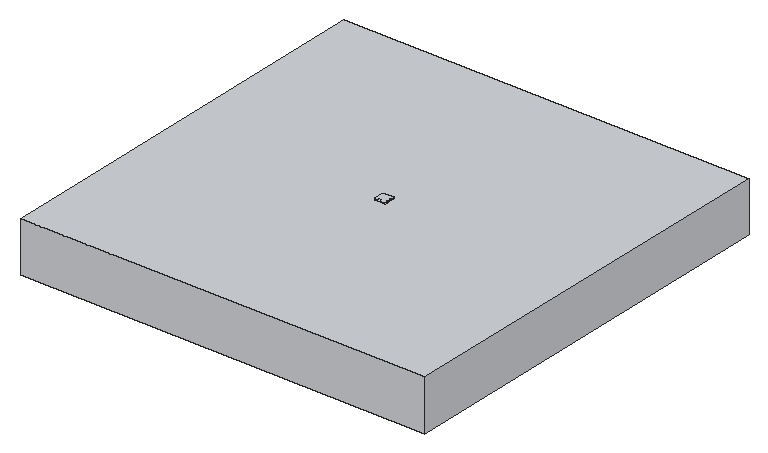
Revit family "Gira_010600", category Allgemeines Modell, Revit 2017
Family settings
  Basisbauteil = Fläche
  Kann Basisbauteil für Bewehrung sein = Nein
  Bemaßung runder Anschluss = Durchmesser verwenden
  Teiletyp = Normal
  Beim Laden mit Abzugskörper schneiden = Nein
  Gemeinsam genutzt = Nein
  Raumberechnungspunkt = Nein
Parameters
  With mounting plate = no
  With memory function = no
  With label area = no
  With glass breaking detector connection = no
  With brightness sensor connection = no
  With N-busbar = no
  With LED indication = no
  With Astro program = no
  Wiring system = "Two-way switch"
  Washing machine switch = no
  Default Elevation = 1219.2 mm
  URL = "https://www.gira.de/"
  Typname = "Rocker sw. off/2-way Insert"
  Type of load = "Universal"
  Type of lighting = "Not included"
  Type of fastening = "Screw mounting"
  Transparent = no
  Through loss at 860 MHz [B] = 0.1
  Through loss at 2150 MHz [B] = 0.1
  Temperature [Kelvin] = "[5:45]"
  Switch-off protection = no
  Surface protection = "Sand-cast"
  Surface finishing = "Not applicable"
  Suitable for wire wound low voltage transformer = yes
  Suitable for wind sensor = no
  Suitable for staircase time switch = no
  Suitable for rain sensor = no
  Suitable for fluorescent tube/energy-saving lamp = yes
  Suitable for electronic low voltage transformer = yes
  Suitable for degree of protection (IP) = "IP20"
  Suitable for 230 V incandescent lamp/halogen lamp = yes
  Substation input = yes
  Shielded housing = no
  Shielded buses = yes
  Serial dimmer = no
  Separate strain relief = yes
  Rated current = 10 A
  Random generator = no
  Push button switch = no
  Productwebsite = "http://katalog.gira.de/en/datenblatt.html?artikelnr=010600"
  Output voltage [Volt] = 5
  Other bus systems = "None"
  Operating voltage [Volt] = "[110:240]"
  Only suitable as substation = no
  Number of rockers = 1
  Number of outputs = 2
  Number of modules (module system) = 1
  Nominal voltage [Volt] 3 = "[230:230]"
  Nominal voltage [Volt] 2 = "[230:230]"
  Nominal voltage [Volt] = 250
  Mounting method shielding connection = "Screw"
  Mounting method = "Flush mounted (plaster)"
  Model = "Bus"
  Min. depth of built-in installation box [m] = 0.024
  Method of operation = "Rocker/button"
  Mechanical coding = no
  Max. switching power [Voltampere] = 1000
  Max. output current = 1.4 A
  Material quality = "Other"
  Material = "Other"
  Light value memory = no
  Label space/information surface 6 = "No"
  Label space/information surface 5 = "No"
  Label space/information surface 4 = "No"
  Integrated timer = no
  Input for substation = no
  Illumination = "Yes"
  Hersteller = "Gira"
  Halogen free = no
  HAN = "010600"
  GTIN = "4010337106005"
  Function lighting = "Orientation"
  Frequency [Hz] = "[50:60]"
  Forced switch off = no
  Feedback-signal contact = no
  Dimming phase cut-on = yes
  Dimming phase cut-off = yes
  Degree of protection (IP) = "IP20"
  Data sheet = "https://katalog.gira.de/en/download.html?artikelnr=010600"
  Connection type = "Plug clamp"
  Colour = "Other"
  Category = "Other"
  Bus system radio frequent = no
  Bus system Powernet = no
  Bus system LON = no
  Bus system KNX radio = no
  Bus system KNX = yes
  Bus connection included = yes
  Beschreibung = "Rock.sw.off 2-w Ins.,Rocker switch insert 10 AX 250 V~,,Universal off 2-way switch,Notes :,- Can also be connected with illumination."
  BIM = "https://media.stage.bim.site/public/gira/290f3eb/Einsatz_1fach.rfa"
  Assembly arrangement = "Basic element"
  Applicable with transmission button = no
  Applicable with time switch/timer = no
  Applicable with presence indicator = yes
  Applicable with movement sensor = yes
  Applicable with infrared button = no
  Applicable with button = yes
  App control via Bluetooth = no
Reference planes
  plane 1 "Center (Front/Back)": y = 0
  plane 2: z = 0
  plane 3 "Center (Left/Right)": x = 0
Forms (mm)
  Extrusion 1, solid
    sketch origin (0, 0, 0) x (1, 0, 0) y (0, 1, 0)
      loop
        line (-1219.2, 1219.2) -> (-1219.2, -1219.2) -> (1219.2, -1219.2) -> (1219.2, 1219.2) -> (-1219.2, 1219.2)
    from 0 to -304.8
  Extrusion 2, solid, detail levels fine
    sketch origin (0, 0, 0) x (1, 0, 0) y (0, 1, 0)
      loop
        line (27.475, 35.475) -> (-27.475, 35.475)
        arc (-27.475, 35.475) -> (-33.132, 33.132) -> (-35.475, 27.475) r 8
        line (-35.475, 27.475) -> (-35.475, -27.475)
        arc (-35.475, -27.475) -> (-33.132, -33.132) -> (-27.475, -35.475) r 8
        line (-27.475, -35.475) -> (27.475, -35.475)
        arc (27.475, -35.475) -> (33.132, -33.132) -> (35.475, -27.475) r 8
        line (35.475, -27.475) -> (35.475, 27.475)
        arc (35.475, 27.475) -> (33.132, 33.132) -> (27.475, 35.475) r 8
    from 0 to 1.8
  Extrusion 3, solid, detail levels fine
    sketch origin (0, 0, 0) x (1, 0, 0) y (0, 1, 0)
      loop
        line (9.678, 25.4) -> (-9.678, 25.4)
        arc (-9.678, 25.4) -> (-12.885, 24.922) -> (-15.814, 23.53) r 11
        arc (-15.814, 23.53) -> (-17.795, 22.07) -> (-19.641, 20.444) r 28.35
        arc (-19.641, 20.444) -> (-21.339, 18.665) -> (-22.876, 16.745) r 28.35
        arc (-22.876, 16.745) -> (-24.456, 13.666) -> (-25, 10.248) r 11
        line (-25, 10.248) -> (-25, -10.248)
        arc (-25, -10.248) -> (-24.456, -13.666) -> (-22.876, -16.745) r 11
        arc (-22.876, -16.745) -> (-20.409, -19.677) -> (-17.569, -22.25) r 28.35
        line (-17.569, -22.25) -> (17.569, -22.25)
        arc (17.569, -22.25) -> (20.409, -19.677) -> (22.876, -16.745) r 28.35
        arc (22.876, -16.745) -> (24.456, -13.666) -> (25, -10.248) r 11
        line (25, -10.248) -> (25, 10.248)
        arc (25, 10.248) -> (24.456, 13.666) -> (22.876, 16.745) r 11
        arc (22.876, 16.745) -> (21.593, 18.37) -> (20.195, 19.897) r 28.35
        arc (20.195, 19.897) -> (18.096, 21.823) -> (15.814, 23.53) r 28.35
        arc (15.814, 23.53) -> (12.885, 24.922) -> (9.678, 25.4) r 11
    from 0 to -22
  Extrusion 4, solid, detail levels medium
    sketch origin (0, 0, 0) x (1, 0, 0) y (0, 1, 0)
      loop
        line (-25, 25.4) -> (-25, -22.25) -> (25, -22.25) -> (25, 25.4) -> (-25, 25.4)
    from 0 to -22
  Extrusion 5, solid, detail levels coarse
    sketch origin (0, 0, 0) x (1, 0, 0) y (0, 1, 0)
      loop
        line (35.475, 35.475) -> (-35.475, 35.475) -> (-35.475, -35.475) -> (35.475, -35.475) -> (35.475, 35.475)
    from -22 to 1.8
  Extrusion 6, solid, detail levels medium
    sketch origin (0, 0, 0) x (1, 0, 0) y (0, 1, 0)
      loop
        line (35.475, 35.475) -> (-35.475, 35.475) -> (-35.475, -35.475) -> (35.475, -35.475) -> (35.475, 35.475)
    from 0 to 1.8
Dimensions and locks
  aligned and locked: plane 2 to Extrusion 1
  aligned and locked: level to Extrusion 1
Connectors
  electrical at (0, 0, -22)
    settings: on Extrusion 5, index 1, voltage 220 V, apparent load 0 VA, apparent load phase1 0 VA, apparent load phase2 0 VA, apparent load phase3 0 VA, power factor 1, load classification "Other", number of poles 1, system type 30, power factor state 1, is connector primary yes, connector utility no, sub classification motor no, connector description ""
